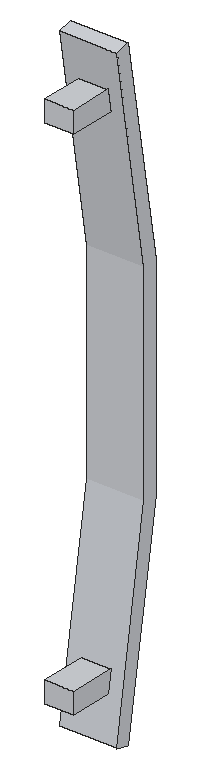
Revit family "PUXADOR", category Generic Models, Revit 2018
Family settings
  Can host rebar = No
  Round Connector Dimension = Use Diameter
  Part Type = Normal
  Work Plane-Based = No
  Always vertical = Yes
  Cut with Voids When Loaded = No
  Shared = No
  Room Calculation Point = No
Reference planes (cm)
  plane 1 "Centro (Frente/Trás)": y = 0
  plane 2: z = 0
  plane 3 "Centro (Esquerda/Direita)": x = 0
Forms (cm)
  Sweep 1, solid
    path origin (0, 0, 0) x (0, 1, 0) y (0, 0, 1)
      loop
        arc (3, 0) -> (5.7184, 21.9528) -> (3, 43.9057) r 90
    profile origin (0, 5.7184, 21.9528) x (0, -1, 0) y (1, 0, 0)
      loop
        line (-0.5, -2) -> (0.5, -2) -> (0.5, 2) -> (-0.5, 2) -> (-0.5, -2)
  Extrusion 2, solid
    sketch origin (0, 0, 0) x (0, 1, 0) y (0, 0, 1)
      loop
        arc (3.1784, 2.9528) -> (3.3378, 3.7022) -> (3.4909, 4.4528) r 89.5
        line (3.4909, 4.4528) -> (0, 4.4528) -> (0, 2.9528) -> (3.1784, 2.9528)
      loop
        line (0, 40.9528) -> (0, 39.4528) -> (3.4909, 39.4528)
        arc (3.4909, 39.4528) -> (3.3378, 40.2035) -> (3.1784, 40.9528) r 89.5
        line (3.1784, 40.9528) -> (0, 40.9528)
    from -1 to 1
Dimensions and locks (cm)
  aligned and locked: level to plane 2
